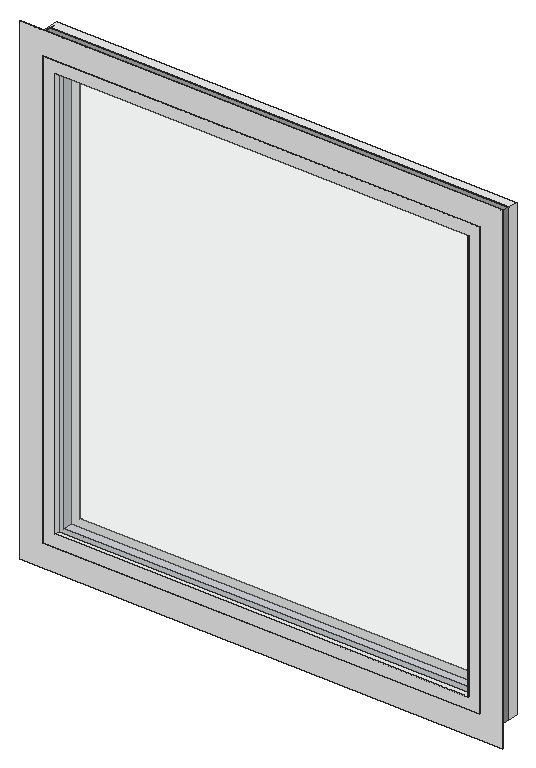
Revit family "Edge_TB42_A_Side_Hung_Standard", category Windows, host Wall, Revit 2014
Parameters (values of type "Casement_Sash_DG")
  Width Sash [instance] = 30 mm
  Width Sash Inner = 15 mm
  Width Bead = 15 mm
  Top Hung [instance] = yes
  Thermal Break Material = Rubber, Black
  Thermal Break Length = 16 mm
  Side Hung Right [instance] = yes
  Side Hung Left [instance] = yes
  Sash Opening Width [instance] = 600 mm
  Sash Opening Height [instance] = 600 mm
  Sash Lip = 15 mm
  Sash Leg [instance] = (Depth Sash - Thermal Break Length) / 2  # 13 mm
  SG Bead Leg = 6.683 mm
  Glazing Material [instance] = Glass
  Glazing Offset = 5 mm
  DG Start Piece 2 [instance] = DG End Piece 1 + DG Gasket Thickness  # 24.158 mm
  DG Start Peice 1 [instance] = ((Depth Sash - (2 * DG Glazing Thickness) - DG Gasket Thickness) / 2) - (SG Bead Leg - Aluminium Thickness) / 2  # 5.758 mm
  DG Glazing Thickness [instance] = 6.4 mm
  DG Gasket Thickness = 12 mm  # constant formula
  DG Gasket Material [instance] = none
  Depth Sash [instance] = 42 mm
  DG End Piece 2 [instance] = DG Start Piece 2 + DG Glazing Thickness  # 30.558 mm
  DG End Piece 1 [instance] = DG Start Peice 1 + DG Glazing Thickness  # 12.158 mm
  Center Vertical Sash [instance] = Sash Opening Height / 2  # 300 mm
  Center Horizontal Sash [instance] = Sash Opening Width / 2  # 300 mm
  Bottom Hung [instance] = yes
  Bead Offset = 15 mm
  Aluminium Thickness = 1 mm
  Aluminium Material [instance] = White Powder Coated Aluminium
Reference planes
  plane 1 "Center (Front/Back)": y = 0
  plane 2: z = 0
  plane 3 "Center (Left/Right)": x = 0
Forms (mm)
  Sweep 1, solid, material "White Powder Coated Aluminium" <- "Aluminium Material"
    path origin (16.177, 0, 121.331) x (1, 0, 0) y (0, 0, 1)
      loop
        line (0, 0) -> (600, 0) -> (600, 600) -> (0, 600) -> (0, 0)
    profile origin (316.177, 0, 121.331) x (0, 0, 1) y (0, -1, 0)
      loop
        line (0, 0) -> (30, 0) -> (30, 1) -> (15, 1) -> (15, 13) -> (14, 13) -> (14, 1) -> (1, 1) -> (1, 13) -> (0, 13) -> (0, 0)
      loop
        line (15, 42) -> (-15, 42) -> (-15, 41) -> (0, 41) -> (0, 29) -> (1, 29) -> (1, 41) -> (14, 41) -> (14, 29) -> (15, 29) -> (15, 42)
  Sweep 2, solid, material "White Powder Coated Aluminium" <- "Aluminium Material"
    path origin (0, 0, 0) x (1, 0, 0) y (0, 0, 1)
      loop
        line (31.177, 706.331) -> (31.177, 136.331) -> (601.177, 136.331) -> (601.177, 706.331) -> (31.177, 706.331)
    profile origin (316.177, 0, 706.331) x (0, 0, 1) y (0, -1, 0)
      loop
        line (0, 41) -> (0, 42) -> (-15, 42) -> (-15, 35.317) -> (-14, 35.317) -> (-14, 41) -> (0, 41)
  Extrusion 3, solid, material "Glass" <- "Glazing Material"
    sketch origin (0, 0, 0) x (1, 0, 0) y (0, 0, 1)
      loop
        line (36.177, 701.331) -> (36.177, 141.331) -> (596.177, 141.331) -> (596.177, 701.331) -> (36.177, 701.331)
    from 5.758 <- "DG Start Peice 1" to 12.158 <- "DG End Piece 1"
  Extrusion 4, solid, material "Glass" <- "Glazing Material"
    sketch origin (0, 0, 0) x (1, 0, 0) y (0, 0, 1)
      loop
        line (36.177, 701.331) -> (36.177, 141.331) -> (596.177, 141.331) -> (596.177, 701.331) -> (36.177, 701.331)
    from 30.558 <- "DG End Piece 2" to 24.158 <- "DG Start Piece 2"
  Sweep 5, solid, material <- "DG Gasket Material"
    path origin (0, -12.158, 0) x (1, 0, 0) y (0, 0, 1)
      loop
        line (36.177, 701.331) -> (36.177, 141.331) -> (596.177, 141.331) -> (596.177, 701.331) -> (36.177, 701.331)
    profile origin (316.177, -12.158, 701.331) x (0, 0, 1) y (0, -1, 0)
      loop
        line (0, 0) -> (0, 12) -> (-7.96, 12) -> (-7.96, 0) -> (0, 0)
  Sweep 6, solid, material "Rubber, Black" <- "Thermal Break Material"
    path origin (16.177, -13, 121.331) x (1, 0, 0) y (0, 0, 1)
      loop
        line (-15, 615) -> (-15, -15) -> (615, -15) -> (615, 615) -> (-15, 615)
    profile origin (316.177, -13, 736.331) x (0, 0, 1) y (0, -1, 0)
      loop
        line (-15, 16) -> (-16, 16) -> (-16, 0) -> (-15, 0) -> (-15, 16)
      loop
        line (-29, 16) -> (-30, 16) -> (-30, 0) -> (-29, 0) -> (-29, 16)
Lines and regions (mm)
  model lines
    curve 1: line (1.177, -42, 736.331) -> (31.177, -42, 706.331)
    curve 2: line (601.177, -42, 706.331) -> (631.177, -42, 736.331)
    curve 3: line (601.177, -42, 136.331) -> (631.177, -42, 106.331)
    curve 4: line (1.177, -42, 106.331) -> (31.177, -42, 136.331)
    curve 5: line (631.177, -41, 736.331) -> (616.177, -41, 721.331)
    curve 6: line (1.177, -41, 736.331) -> (16.177, -41, 721.331)
    curve 7: line (1.177, -41, 106.331) -> (16.177, -41, 121.331)
    curve 8: line (631.177, -41, 106.331) -> (616.177, -41, 121.331)
    curve 9: line (616.177, 0, 121.331) -> (586.177, 0, 151.331)
    curve 10: line (46.177, 0, 151.331) -> (16.177, 0, 121.331)
    curve 11: line (616.177, 0, 721.331) -> (586.177, 0, 691.331)
    curve 12: line (46.177, 0, 691.331) -> (16.177, 0, 721.331)
    curve 13: line (31.177, -42, 691.331) -> (46.177, -42, 691.331)
    curve 14: line (586.177, -42, 691.331) -> (601.177, -42, 691.331)
    curve 15: line (586.177, -42, 151.331) -> (601.177, -42, 151.331)
    curve 16: line (31.177, -42, 151.331) -> (46.177, -42, 151.331)
  model lines, style "GenericModelHiddenLines", visible <- "Top Hung"
    curve 17: line (46.386, -30.558, 690.602) -> (316.177, -30.558, 151.331)
    curve 18: line (316.177, -30.558, 151.331) -> (586.177, -30.558, 691.018)
  model lines, style "GenericModelHiddenLines", visible <- "Bottom Hung"
    curve 19: line (46.177, -30.558, 151.331) -> (316.177, -30.558, 691.018)
    curve 20: line (316.177, -30.558, 691.018) -> (586.177, -30.558, 151.331)
  model lines, style "GenericModelHiddenLines", visible <- "Side Hung Left"
    curve 21: line (46.386, -30.558, 690.602) -> (585.24, -30.558, 421.331)
    curve 22: line (585.24, -30.558, 421.331) -> (46.177, -30.558, 151.331)
  model lines, style "GenericModelHiddenLines", visible <- "Side Hung Right"
    curve 23: line (586.177, -30.558, 691.018) -> (46.177, -30.558, 421.331)
    curve 24: line (46.177, -30.558, 421.331) -> (586.177, -30.558, 151.331)
Dimensions and locks
  "Aluminium Thickness": Sweep 1 sketch curve to Sweep 1 sketch curve  (x6)
  "Depth Sash": Sweep 1 sketch curve to Sweep 1 sketch curve
  "Sash Opening Width": Sweep 1 to Sweep 1
  "Sash Opening Height": Sweep 1 to Sweep 1
  "Width Sash": Sweep 1 sketch curve to Sweep 1 sketch curve  (x2)
  "Width Sash Inner": Sweep 1 sketch curve to Sweep 1 sketch curve
  "Sash Lip": Sweep 1 sketch curve to Sweep 1 sketch curve
  "Glazing Offset": Sweep 2 to Extrusion 3 sketch curve  (x3)
  "Glazing Offset": Extrusion 3 sketch curve to Sweep 2
  Sweep 1 to Sweep 1 = 1 mm
  "Width Bead": Sweep 2 sketch curve to Sweep 2 sketch curve
  locked: Sweep 5 sketch curve to Sweep 5 sketch curve at 7.96
  "Center Horizontal Sash": Sweep 1 to curve 18
  "Center Horizontal Sash": Sweep 1 to curve 20
  "Center Vertical Sash": Sweep 1 to curve 22
  "Center Vertical Sash": Sweep 1 to curve 24
  "Sash Leg": Sweep 1 sketch curve to Sweep 1 sketch curve
  "Aluminium Thickness": Sweep 2 sketch curve to Sweep 2 sketch curve  (x2)
  "SG Bead Leg": Sweep 2 sketch curve to Sweep 2 sketch curve
  aligned and locked: level to plane 2
  aligned and locked: Sweep 1 sketch curve to Sweep 1 sketch curve  (x3)
  aligned and locked: Sweep 2 sketch curve to Sweep 1  (x4)
  aligned and locked: Sweep 1 to Sweep 2 sketch curve  (x2)
  aligned and locked: Extrusion 4 sketch curve to Extrusion 3  (x4)
  aligned and locked: Sweep 5 sketch curve to Extrusion 3  (x5)
  aligned and locked: Extrusion 3 to Sweep 5 sketch curve
  aligned and locked: Sweep 6 sketch curve to Sweep 1  (x10)
  aligned and locked: Sweep 1 to Sweep 6 sketch curve  (x2)
Automatic sketch dimensions
  plane 3 "Center (Left/Right)" to Sweep 1 sketch curve = 16.177 mm
  level to Sweep 1 sketch curve = 121.331 mm
  plane 3 "Center (Left/Right)" to Sweep 1 sketch curve = 616.177 mm
  level to Sweep 1 sketch curve = 721.331 mm
  profile plane to Sweep 5 sketch curve = 12 mm
  curve 7 to Sweep 1 = 0 mm  (x4)
  curve 6 to Sweep 1 = 0 mm  (x3)
  Sweep 1 to curve 6 = 0 mm
  curve 5 to Sweep 1 = 0 mm  (x3)
  curve 8 to Sweep 1 = 0 mm  (x4)
  Sweep 1 to curve 5 = 0 mm
  curve 16 to Sweep 2 = 0 mm  (x3)
  curve 13 to Sweep 2 = 0 mm  (x3)
  curve 15 to Sweep 2 = 0 mm
  Sweep 2 to curve 15 = 0 mm  (x2)
  curve 14 to Sweep 2 = 0 mm  (x2)
  Sweep 2 to curve 14 = 0 mm
  curve 1 to Sweep 1 = 0 mm  (x4)
  curve 4 to Sweep 1 = 0 mm  (x4)
  curve 2 to Sweep 1 = 0 mm  (x4)
  curve 3 to Sweep 1 = 0 mm  (x2)
  Sweep 1 to curve 3 = 0 mm  (x2)
  curve 10 to Sweep 1 = 0 mm  (x4)
  curve 12 to Sweep 1 = 0 mm  (x2)
  Sweep 1 to curve 12 = 0 mm  (x2)
  curve 11 to Sweep 1 = 0 mm  (x4)
  curve 9 to Sweep 1 = 0 mm  (x4)
  profile plane to Sweep 1 sketch curve = 0 mm  (x2)
  Sweep 1 sketch curve to plane 1 "Center (Front/Back)" = 0 mm
  Sweep 1 sketch curve to Sweep 1 sketch curve = 13 mm
  Sweep 1 sketch curve to Sweep 1 sketch curve = 12 mm  (x2)
  curve 21 to Extrusion 4 = 10.208 mm
  curve 19 to Extrusion 4 = 10 mm
  curve 23 to Extrusion 4 = 10 mm  (x2)
  curve 22 to Extrusion 4 = 10.937 mm
  curve 20 to Extrusion 4 = 10 mm
  curve 24 to Extrusion 4 = 10 mm
  curve 22 to Extrusion 4 = 10 mm
  curve 18 to Extrusion 4 = 10 mm
  curve 21 to Extrusion 4 = 10.729 mm
  curve 19 to Extrusion 4 = 10.312 mm
  curve 18 to Extrusion 4 = 10.312 mm
Types in the file's own list only (6): name | Windload Design | Width Sash Opening | Width Sash | Width Profile | Width | URL | Offset Window Exterior | Max System DG Unit Thickness | Max System DG One Piece Thickness | Max Pane Area | Intruderprufe U Value | Intruderprufe SHGC Value | Intruderprufe LowE U Value | Intruderprufe LowE SHGC Value | Intruderprufe Insulated U Value | Intruderprufe Insulated SHGC Value | Intruderprufe Insulated LowE U Value | Intruderprufe Insulated LowE SHGC Value | Height | Energy Advantage U Value | Energy Advantage SHGC Value | DG Thickness Calc | Custom Window Width | Custom Window Height | Window Exterior Offset | Custom Windload | Sash Width | Sash Height | Sash Spacing Inner | Sash Overlap | Sash Center Offset | SG Gasket Thickness | Offset Sash Left | Offset Sash 1 Top | Offset Bead SG Center Reversed | Model | Manufacturer | Limit Window Width Min | Limit Window Width Max | Limit Window Height Min | Limit Window Height Max | Limit Sash Width Min | Limit Sash Width Max | Limit Sash Height Min | Limit Sash Height Max | Height Sash 1 Opening | Height Sash | Description | Frame Center Offset | Depth Bead | Default Sill Height | Wall Closure | DG Gasket Finish | DG Extrusion Start | Clearvue U Value | Clearvue SHGC Value | Clearvue Insulated U Value | Clearvue Insulated SHGC Value | Clearvue Insulated LowE U Value | Clearvue Insulated LowE SHGC Value | Casement Dimension | Bead SG Gap
  EDGE-0609S-1000Pa | 1000 mm | 544 mm | 514 mm | 30 mm | 590 mm | "http://www.crealco.co.za/crealco-products.php" | 21 mm | 25 mm | 6 mm | 0.37 m² | 5.04 | 0.459 | 3.93 | 0.413 | 3.15 | 0.413 | 2.73 | 0.372 | 890 mm | 3.94 | 0.441 | 4 mm | 590 mm | 890 mm | 0 mm | 1000 mm | 544 mm | 844 mm | 8 mm | 7 mm | 18 mm | 6 mm | 23 mm | 23 mm | 21 mm | "Edge" | "Crealco" | 346 mm | 746 mm | 346 mm | 1546 mm | 300 mm | 700 mm | 300 mm | 1500 mm | 844 mm | 814 mm | "Thermal break casement windows (42mm), Type A side hung" | 21 mm | 28 mm | 800 mm | By host | Double Glazing Gasket Material | 11 mm | 5.13 | 0.492 | 3.2 | 0.45 | 2.77 | 0.41 | 42 mm | 13 mm
  EDGE-0612S-1000Pa | 1000 mm | 544 mm | 514 mm | 30 mm | 590 mm | "http://www.crealco.co.za/crealco-products.php" | 21 mm | 25 mm | 6 mm | 0.51 m² | 5.09 | 0.486 | 3.9 | 0.437 | 3.11 | 0.435 | 2.66 | 0.392 | 1190 mm | 3.92 | 0.466 | 4 mm | 590 mm | 1190 mm | 0 mm | 1000 mm | 544 mm | 1144 mm | 8 mm | 7 mm | 18 mm | 6 mm | 23 mm | 23 mm | 21 mm | "Edge" | "Crealco" | 346 mm | 746 mm | 346 mm | 1546 mm | 300 mm | 700 mm | 300 mm | 1500 mm | 1144 mm | 1114 mm | "Thermal break casement windows (42mm), Type A side hung" | 21 mm | 28 mm | 800 mm | By host | Double Glazing Gasket Material | 11 mm | 5.2 | 0.52 | 3.16 | 0.474 | 2.7 | 0.431 | 42 mm | 13 mm
  EDGE-0609S-1500Pa | 1500 mm | 544 mm | 514 mm | 30 mm | 590 mm | "http://www.crealco.co.za/crealco-products.php" | 21 mm | 25 mm | 6 mm | 0.37 m² | 5.04 | 0.459 | 3.93 | 0.413 | 3.15 | 0.413 | 2.73 | 0.372 | 890 mm | 3.94 | 0.441 | 4 mm | 590 mm | 890 mm | 0 mm | 1500 mm | 544 mm | 844 mm | 8 mm | 7 mm | 18 mm | 6 mm | 23 mm | 23 mm | 21 mm | "Edge" | "Crealco" | 346 mm | 746 mm | 346 mm | 1546 mm | 300 mm | 700 mm | 300 mm | 1500 mm | 844 mm | 814 mm | "Thermal break casement windows (42mm), Type A side hung" | 21 mm | 28 mm | 800 mm | By host | Double Glazing Gasket Material | 11 mm | 5.13 | 0.492 | 3.2 | 0.45 | 2.77 | 0.41 | 42 mm | 13 mm
  EDGE-0609S-2000Pa | 2000 mm | 544 mm | 514 mm | 30 mm | 590 mm | "http://www.crealco.co.za/crealco-products.php" | 21 mm | 25 mm | 6 mm | 0.37 m² | 5.04 | 0.459 | 3.93 | 0.413 | 3.15 | 0.413 | 2.73 | 0.372 | 890 mm | 3.94 | 0.441 | 4 mm | 590 mm | 890 mm | 0 mm | 2000 mm | 544 mm | 844 mm | 8 mm | 7 mm | 18 mm | 6 mm | 23 mm | 23 mm | 21 mm | "Edge" | "Crealco" | 346 mm | 746 mm | 346 mm | 1546 mm | 300 mm | 700 mm | 300 mm | 1500 mm | 844 mm | 814 mm | "Thermal break casement windows (42mm), Type A side hung" | 21 mm | 28 mm | 800 mm | By host | Double Glazing Gasket Material | 11 mm | 5.13 | 0.492 | 3.2 | 0.45 | 2.77 | 0.41 | 42 mm | 13 mm
  EDGE-0612S-1500Pa | 1500 mm | 544 mm | 514 mm | 30 mm | 590 mm | "http://www.crealco.co.za/crealco-products.php" | 21 mm | 25 mm | 6 mm | 0.51 m² | 5.09 | 0.486 | 3.9 | 0.437 | 3.11 | 0.435 | 2.66 | 0.392 | 1190 mm | 3.92 | 0.466 | 4 mm | 590 mm | 1190 mm | 0 mm | 1500 mm | 544 mm | 1144 mm | 8 mm | 7 mm | 18 mm | 6 mm | 23 mm | 23 mm | 21 mm | "Edge" | "Crealco" | 346 mm | 746 mm | 346 mm | 1546 mm | 300 mm | 700 mm | 300 mm | 1500 mm | 1144 mm | 1114 mm | "Thermal break casement windows (42mm), Type A side hung" | 21 mm | 28 mm | 800 mm | By host | Double Glazing Gasket Material | 11 mm | 5.2 | 0.52 | 3.16 | 0.474 | 2.7 | 0.431 | 42 mm | 13 mm
  EDGE-0612S-2000Pa | 2000 mm | 544 mm | 514 mm | 30 mm | 590 mm | "http://www.crealco.co.za/crealco-products.php" | 21 mm | 25 mm | 6 mm | 0.51 m² | 5.09 | 0.486 | 3.9 | 0.437 | 3.11 | 0.435 | 2.66 | 0.392 | 1190 mm | 3.92 | 0.466 | 4 mm | 590 mm | 1190 mm | 0 mm | 2000 mm | 544 mm | 1144 mm | 8 mm | 7 mm | 18 mm | 6 mm | 23 mm | 23 mm | 21 mm | "Edge" | "Crealco" | 346 mm | 746 mm | 346 mm | 1546 mm | 300 mm | 700 mm | 300 mm | 1500 mm | 1144 mm | 1114 mm | "Thermal break casement windows (42mm), Type A side hung" | 21 mm | 28 mm | 800 mm | By host | Double Glazing Gasket Material | 11 mm | 5.2 | 0.52 | 3.16 | 0.474 | 2.7 | 0.431 | 42 mm | 13 mm
